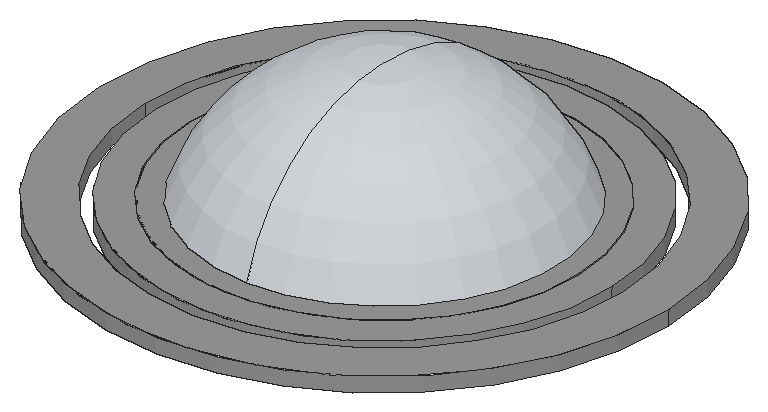
Revit family "DROP_40W_4000K_3800LM", category Lighting Fixtures, host Ceiling, Revit 2021
Family settings
  Host = Ceiling
  Round Connector Dimension = Use Diameter
  Part Type = Normal
  OmniClass Number = 23.80.70.11
  OmniClass Title = Luminaries for Internal Lighting
  Always vertical = Yes
  Cut with Voids When Loaded = No
  Light Source = Yes
  Shared = No
  Room Calculation Point = No
Parameters (values of type "Type 1")
  Wattage = 25.582 W
  built-in parameter 1150110 = 1 (stored number, unit not read)
  Type de lampe = "LED Citizen COB"
  Type = "Downlight"
  built-in parameter 1114217 = 1 (stored number, unit not read)
  Tilt Angle = 90.00°
  built-in parameter 1150109 = 1 (stored number, unit not read)
  built-in parameter 1150134 = 12
  built-in parameter 1150113 = 1 (stored number, unit not read)
  SDCM = "<3"
  Rotatif = "45°"
  Puissance nominale = "40W"
  Photometric Web File = "google_eulumdat_converter (16).ies"
  Matériau = "Aluminium"
  Maintien du flux = "L80B10 (50 000 heures)"
  Lumens = 3800 lm
  built-in parameter 1150115 = 1 (stored number, unit not read)
  built-in parameter 1150105 = 11752.1 (stored number, unit not read)
  built-in parameter 1150137 = (empty or 0)
  built-in parameter 1150139 = (empty or 0)
  built-in parameter 1150112 = 1 (stored number, unit not read)
  built-in parameter 1150114 = 1 (stored number, unit not read)
  built-in parameter 1150132 = 2
  built-in parameter 1150102 = (empty or 0)
  built-in parameter 1150138 = (empty or 0)
  built-in parameter 1150107 = 4000 (stored number, unit not read)
  built-in parameter 1150106 = 117.52 (stored number, unit not read)
  IRC = ">90"
  built-in parameter 1150104 = 13.8 (stored number, unit not read)
  Durée de vie = "50 000 heures"
  Driver = "Driver CE - TUV"
  Dimming Lamp Color Temperature Shift = <None>
  Dimensions d’encastrement = "Ø 170 mm"
  Dimensions = "Ø 190 x 130 mm"
  Diffuseur = "Aluminium"
  Default Elevation = 0 mm
  Color Filter = 16777215
  Basculant = "350°"
  built-in parameter 1114218 = 1 (stored number, unit not read)
  built-in parameter 1150133 = 10 (stored number, unit not read)
  Angle d'éclairage = "24°"
  Alimentation luminaire = "30-42V dc / 500mA"
  Alimentation Driver = "AC 100-265V"
Reference planes
  plane 1 "Light Source Axis (F/B)": y = 0
  plane 2: z = 0
  plane 3 "Light Source Axis (L/R)": x = 0
  plane 4 "Ceiling": z = 4000
  plane 5 "Light Source Elevation": z = 3987.548
Forms (mm)
  Extrusion 1, solid, material "Aluminum, blanc"
    sketch origin (0, 0, 4000) x (0, 1, 0) y (-1, 0, 0)
      loop
        circle (0, 0) r 95
      loop
        circle (0, 0) r 80
    from -5 to 0
  Extrusion 2, solid, material "Aluminum, blanc"
    sketch origin (0, 0, 4000) x (0, 1, 0) y (-1, 0, 0)
      loop
        circle (0, 0) r 65
      loop
        circle (0, 0) r 76.087
    from -5 to 0
  Extrusion 3, solid, material "Glass, White, High Luminance"
    sketch origin (0, 0, 4000) x (0, 1, 0) y (-1, 0, 0)
      loop
        circle (0, 0) r 65
    from -5 to 0
  Revolve 4, solid
    sketch origin (0, 0, 0) x (0, 1, 0) y (0, 0, 1)
      loop
        line (0, 4000) -> (57.588, 4000)
        arc (57.588, 4000) -> (35.549, 4029.809) -> (0, 4040.323) r 58.347
        line (0, 4040.323) -> (0, 4000)
      axis (0, 4040.323) -> (0, 4000)
    angle from 0 to 360
Lines and regions (mm)
  reference lines
    curve 1: line (0, 0, 4000) -> (92.5, 0, 4000)
    curve 2: line (0, 0, 4000) -> (113, 0, 4000)
    curve 3: line (0, 0, 4000) -> (78.5, 0, 4000)
    curve 4: line (78.5, 0, 4000) -> (78.5, 10, 4000)
    curve 5: line (0, 0, 4000) -> (0, 0, 3995)
    curve 6: line (0, 0, 3995) -> (-3.669, 0, 3995)
    curve 7: line (0, 0, 3995) -> (0, 0, 4105)
    curve 8: line (0, 0, 4105) -> (-5, 0, 4105)
    curve 9: circle (-60, 0, 4000) r 60 normal (0, -1, 0)
    curve 10: line (0, 0, 4000) -> (95, 0, 4000)
    curve 11: line (95, 0, 4000) -> (95, 6.739, 4000)
Dimensions and locks
  equal spacing: host sketch curve, plane 3 "Light Source Axis (L/R)", host sketch curve
  equal spacing: host sketch curve, plane 1 "Light Source Axis (F/B)", host sketch curve
  host sketch curve to host sketch curve = 4000 mm  (x2)
  plane 4 "Ceiling" to host ceiling = 0 mm
  aligned and locked: plane 1 "Light Source Axis (F/B)" to imposter light
  aligned and locked: plane 5 "Light Source Elevation" to imposter light
